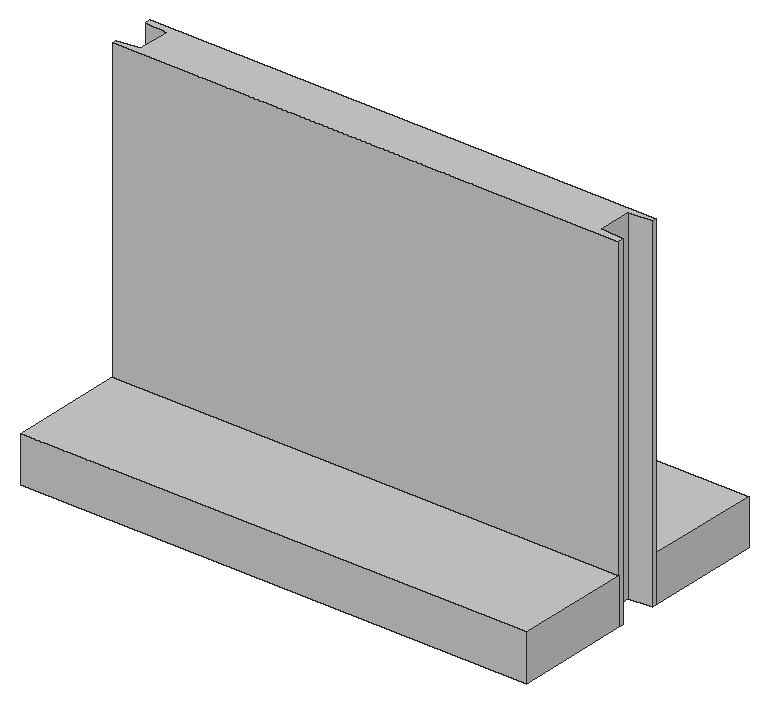
Revit family "t-balk", category Structural Foundations, Revit 2023
Family settings
  Material for Model Behavior = Other
  Cap = No
  Work Plane-Based = No
  Always vertical = Yes
  Cut with Voids When Loaded = No
  Shared = No
  Show family pre-cut in plan views = Yes
Parameters (values of type "800x800x150")
  Volume = 0.50 m³
  Type Comments = "90500"
  Structural Material [instance] = Concrete - Cast-in-Place Concrete
  Reinforcement Specs [instance] = ""
  Pad Width = 2200 mm
  Pad Type = "P2"
  Model = "T-Fundamentsystem rak"
  Mesh [instance] = ""
  Manufacturer = "Legalett"
  Foundation Thickness = 1500 mm
  Concrete Grade [instance] = ""
Reference planes
  plane 1 "Center (Front/Back)": y = 0
  plane 2: z = 200
  plane 3 "Center (Left/Right)": x = 0
  plane 4: x = -1100
  plane 5: x = 1100
  plane 6: y = 600
  plane 7: y = -600
  plane 8: z = 1500
Forms (mm)
  Extrusion 1, solid, material "Concrete - Cast-in-Place Concrete"
    sketch origin (0, 0, 0) x (1, 0, 0) y (0, 1, 0)
      loop
        line (1100, -600) -> (1100, -100) -> (-1100, -100) -> (-1100, -600) -> (1100, -600)
      loop
        line (1100, 600) -> (-1100, 600) -> (-1100, 100) -> (1100, 100) -> (1100, 600)
    from 0 to 200
  Extrusion 2, solid, material "Concrete - Cast-in-Place Concrete"
    sketch origin (0, 0, 0) x (1, 0, 0) y (0, 1, 0)
      loop
        line (-1100, -100) -> (1100, -100) -> (1100, -80) -> (1000, -70) -> (1000, 70) -> (1100, 80) -> (1100, 100) -> (-1100, 100) -> (-1100, 80) -> (-1000, 70) -> (-1000, -70) -> (-1100, -80) -> (-1100, -100)
    from 0 to 1500
Dimensions and locks
  equal spacing: plane 4, plane 3 "Center (Left/Right)", plane 5
  "Pad Width": plane 4 to plane 5
  equal spacing: plane 7, plane 1 "Center (Front/Back)", plane 6
  "Foundation Thickness": plane 8 to level
  aligned and locked: Extrusion 1 to level
  aligned and locked: plane 2 to Extrusion 1
  aligned and locked: plane 8 to Extrusion 2
Automatic sketch dimensions
  Extrusion 2 sketch curve to plane 4 = 0 mm  (x2)
  Extrusion 2 sketch curve to plane 5 = 0 mm  (x2)
  plane 4 to Extrusion 2 sketch curve = 100 mm
  plane 5 to Extrusion 2 sketch curve = 100 mm
  plane 1 "Center (Front/Back)" to Extrusion 2 sketch curve = 100 mm
  Extrusion 2 sketch curve to Extrusion 2 sketch curve = 20 mm  (x3)
  plane 1 "Center (Front/Back)" to Extrusion 2 sketch curve = 70 mm  (x2)
  Extrusion 2 sketch curve to plane 1 "Center (Front/Back)" = 70 mm  (x2)
  Extrusion 2 sketch curve to plane 1 "Center (Front/Back)" = 80 mm  (x2)
  Extrusion 1 sketch curve to plane 4 = 0 mm  (x2)
  Extrusion 1 sketch curve to plane 5 = 0 mm  (x2)
  Extrusion 1 sketch curve to plane 7 = 0 mm
  plane 6 to Extrusion 1 sketch curve = 0 mm
  plane 1 "Center (Front/Back)" to Extrusion 1 sketch curve = 100 mm
  Extrusion 1 sketch curve to plane 1 "Center (Front/Back)" = 100 mm
